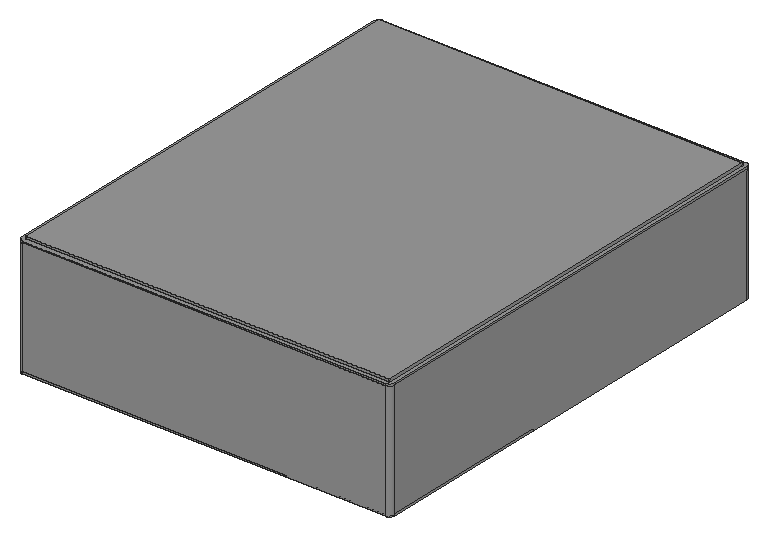
Revit family "Building-ContenitoriParete-GEWISS-44CE-CASSETTE-DERIVAZIONE-PARETE", category Apparecchi elettrici, host Superficie, Revit 2016
Family settings
  Host = Superficie
  Mantenere orientamento annotazione = Sì
  Tipo di parte = Normale
  Quota connettore circolare = Usa diametro
  Numero OmniClass = 23.80.30.14.24
  Titolo OmniClass = Junction Boxes
  Taglio con vuoti quando caricato = No
  Condiviso = No
  Punto di calcolo locali = Sì
Parameters (values of type "GW44431 - CASSETTA IP56 AR.COP.TRASP.460X380X120")
  Ã˜ max fori eseguibili = "48MM"
  distanza dal muro [instance] = 0 mm
  Voltaggio = 0 V
  Viti coperchio (n. e Tipo) = "6 isol. a cerniera piombabili"
  Versione file RFA = "18.0"
  VISTA DI PIANTA [instance] = yes
  URL = "https://www.gewiss.com/it/it"
  Tipo Materiale = "Halogen free secondo norma EN 60754-2"
  Termopressione con biglia = "110 °C"
  Temperatura di impiego = "-25 +60 °C"
  Spostamento_x [instance] = 0 mm
  Spostamento_effettivo_x [instance] = 4000 mm - Spostamento_x  # 4000 mm
  Scheda Tecnica = "https://www.gewiss.com/it/it/search?q=GW44431"
  SEO = "Cassetta"
  Resistenza agli urti = "IK08"
  Produttore = "GEWISS S.p.A."
  Pareti = "Lisce"
  Materiale = "Tecnopolimero GWPLAST 120"
  Immagine tipo = GW44431.jpg
  Scatola_ = GW - Grigio RAL 7035
  SIMBOLO [instance] = yes
  Modello = "GW44431"
  Default Elevation = 1219.2 mm
  Lunghezza_interna = 380 mm
  Larghezza_interna = 460 mm
  Spessore = 120 mm
  IDT = "9d7720fb-e677-4d26-8d25-fa01e92eaf96"
  IDF = "5374820f-a702-40f6-8e03-a2dac9afe598"
  Grado di protezione = "IP56"
  Glow Wire Test = "650°C"
  Dim. interne BxHxP (mm) = "460x380x120"
  Diametro ingresso corrugato [instance] = 20 mm
  Dettaglio = Eemento di dettaglio - 44CE : 460x380x120
  Descrizione = "CASSETTA IP56 AR.COP.TRASP.460X380X120"
  Creato da GEWISS S.p.A. = ""
  Coppia serraggio viti = "1,8NM"
  Coperchio_ = GEWISS COPERCHIO TRASPARENTE
  Coperchio = "Basso a vite"
  Colore coperchio = "Trasparente"
  Colore = "Grigio RAL 7035"
  Codice Electrocod = "0231"
  Codice EAN = "8011564014145"
  Classificazione = Other
  Classe isolamento = "II (secondo Norma IEC 61140)"
  Catalogo Serie = "44 CE"
  Catalogo = "BUILDING"
  Carico apparente = 0 VA
  CORNICE SIMBOLO [instance] = no
  COBie.Tagnumber = ""
  COBie.CreatedOn = ""
  COBie.CreatebBy = ""
  COBie.ComponentRegisterItemID = ""
  COBie.Component.TagNumber = ""
  COBie.Component.Space = ""
  COBie.Component.SerialNumber = ""
  COBie.Component.InstallationDate = ""
  COBie.Component.Description = ""
  COBie.Component.BarCode = ""
  Applicazione = "Impieghi industriali"
  Accessori per ripristino isolamento = "GW44621"
Types (34, lengths in mm): name | Ã˜ max fori eseguibili | Viti coperchio (n. e Tipo) | Tipo Materiale | Termopressione con biglia | Spostamento_x | Spostamento_effettivo_x | Scheda Tecnica | Materiale | Immagine tipo | Modello | Lunghezza_interna | Larghezza_interna | Spessore | IDT | Grado di protezione | Glow Wire Test | Dim. interne BxHxP (mm) | Dettaglio | Descrizione | Coppia serraggio viti | Coperchio_ | Colore coperchio | Codice Electrocod | Codice EAN | Applicazione | Accessori per ripristino isolamento
  GW44204 - CASSETTA IP56 PAR.LISCE 100X100X50 | "29MM" | "4 - Acciaio inox" | "Halogen free secondo norma EN 60754-2" | "85 °C" | 0 | 4000 | "https://www.gewiss.com/it/it/search?q=GW44204" | "Tecnopolimero GWPLAST 75" | GW44204.jpg | "GW44204" | 100 | 100 | 50 | "22969abb-50f3-4462-9943-7c3efaf73419" | "IP56" | "650°C" | "100x100x50" | Eemento di dettaglio - 44CE : 100x100x50 | "CASSETTA IP56 PAR.LISCE 100X100X50" | "1NM" | GW - Grigio RAL 7035 | "" | "02211" | "8011564013773" | "Derivazioni ordinarie" | "GW44622"
  GW44205 - CASSETTA IP56 PAR.LISCE 120X80X50 | "29MM" | "4 - Acciaio inox" | "Halogen free secondo norma EN 60754-2" | "85 °C" | 0 | 4000 | "https://www.gewiss.com/it/it/search?q=GW44205" | "Tecnopolimero GWPLAST 75" | GW44205.jpg | "GW44205" | 80 | 120 | 50 | "52b7fb7c-12f0-4e62-ae51-f10f6e64914f" | "IP56" | "650°C" | "120x80x50" | Eemento di dettaglio - 44CE : 120x80x50 | "CASSETTA IP56 PAR.LISCE 120X80X50" | "1NM" | GW - Grigio RAL 7035 | "" | "02211" | "8011564013780" | "Derivazioni ordinarie" | "GW44622"
  GW44206 - CASSETTA IP56 PAR.LISCE 150X110X70 | "29MM" | "4 - Acciaio inox" | "Halogen free secondo norma EN 60754-2" | "85 °C" | 0 | 4000 | "https://www.gewiss.com/it/it/search?q=GW44206" | "Tecnopolimero GWPLAST 75" | GW44206.jpg | "GW44206" | 110 | 150 | 70 | "47d10e64-8065-4d23-8b62-953182284a50" | "IP56" | "650°C" | "150x110x70" | Eemento di dettaglio - 44CE : 150x110x70 | "CASSETTA IP56 PAR.LISCE 150X110X70" | "1,2NM" | GW - Grigio RAL 7035 | "" | "02211" | "8011564013797" | "Derivazioni ordinarie" | "GW44622"
  GW44207 - CASSETTA IP56 PAR.LISCE 190X140X70 | "37MM" | "4 isol. a cerniera piombabili" | "Halogen free secondo norma EN 60754-2" | "85 °C" | 0 | 4000 | "https://www.gewiss.com/it/it/search?q=GW44207" | "Tecnopolimero GWPLAST 75" | GW44207.jpg | "GW44207" | 140 | 190 | 70 | "337b83f9-6b4d-4582-90cc-11de11e69969" | "IP56" | "650°C" | "190x140x70" | Eemento di dettaglio - 44CE : 190x140x70 | "CASSETTA IP56 PAR.LISCE 190X140X70" | "1,8NM" | GW - Grigio RAL 7035 | "" | "02211" | "8011564013803" | "Derivazioni ordinarie" | "GW44621, GW44622"
  GW44208 - CASSETTA IP56 PAR.LISCE 240X190X90 | "37MM" | "4 isol. a cerniera piombabili" | "Halogen free secondo norma EN 60754-2" | "85 °C" | -96.081 | 4096.081 | "https://www.gewiss.com/it/it/search?q=GW44208" | "Tecnopolimero GWPLAST 75" | GW44208.jpg | "GW44208" | 190 | 240 | 90 | "de1af3df-6e3f-48cf-83ee-0215e9915d51" | "IP56" | "650°C" | "240x190x90" | Eemento di dettaglio - 44CE : 240x190x90 | "CASSETTA IP56 PAR.LISCE 240X190X90" | "1,8NM" | GW - Grigio RAL 7035 | "" | "02211" | "8011564013810" | "Derivazioni ordinarie" | "GW44621, GW44622"
  GW44209 - CASSETTA IP56 PAR.LISCE 300X220X120 | "48MM" | "4 isol. a cerniera piombabili" | "Halogen free secondo norma EN 60754-2" | "85 °C" | 0 | 4000 | "https://www.gewiss.com/it/it/search?q=GW44209" | "Tecnopolimero GWPLAST 75" | GW44209.jpg | "GW44209" | 220 | 300 | 120 | "cf6db834-0863-43b0-a483-11796ac71c75" | "IP56" | "650°C" | "300x220x120" | Eemento di dettaglio - 44CE : 300x220x120 | "CASSETTA IP56 PAR.LISCE 300X220X120" | "1,8NM" | GW - Grigio RAL 7035 | "" | "02211" | "8011564013827" | "Derivazioni ordinarie" | "GW44621, GW44622"
  GW44210 - CASSETTA IP56 PAR.LISCE 380X300X120 | "48MM" | "4 isol. a cerniera piombabili" | "Halogen free secondo norma EN 60754-2" | "85 °C" | 0 | 4000 | "https://www.gewiss.com/it/it/search?q=GW44210" | "Tecnopolimero GWPLAST 75" | GW44210.jpg | "GW44210" | 300 | 380 | 120 | "3153c5f9-b06e-4ae9-a280-79e8a165a081" | "IP56" | "650°C" | "380x300x120" | Eemento di dettaglio - 44CE : 380x300x120 | "CASSETTA IP56 PAR.LISCE 380X300X120" | "1,8NM" | GW - Grigio RAL 7035 | "" | "02211" | "8011564013834" | "Derivazioni ordinarie" | "GW44621, GW44623"
  GW44211 - CASSETTA IP56 PAR.LISCE 460X380X120 | "48MM" | "6 isol. a cerniera piombabili" | "Halogen free secondo norma EN 60754-2" | "85 °C" | 0 | 4000 | "https://www.gewiss.com/it/it/search?q=GW44211" | "Tecnopolimero GWPLAST 75" | GW44211.jpg | "GW44211" | 380 | 460 | 120 | "38c04d2f-f886-4409-965b-0291314ac90d" | "IP56" | "650°C" | "460x380x120" | Eemento di dettaglio - 44CE : 460x380x120 | "CASSETTA IP56 PAR.LISCE 460X380X120" | "1,8NM" | GW - Grigio RAL 7035 | "" | "02211" | "8011564013841" | "Derivazioni ordinarie" | "GW44621"
  GW44234 - CASS.IP55 100x100x50 1/4G.P.L.GWT 650°C | "29MM" | "4 isol. a 1/4 di giro, piombabili" | "Halogen free secondo norma EN 60754-2" | "85 °C" | 0 | 4000 | "https://www.gewiss.com/it/it/search?q=GW44234" | "Tecnopolimero GWPLAST 75" | GW44234.jpg | "GW44234" | 100 | 100 | 50 | "619f96b8-842b-479f-8803-44aba47870ac" | "IP55" | "650°C" | "100x100x50" | Eemento di dettaglio - 44CE : 100x100x50 | "CASS.IP55 100x100x50 1/4G.P.L.GWT 650°C" | "1NM" | GW - Grigio RAL 7035 | "" | "02211" | "8011564196223" | "Derivazioni ordinarie" | "GW44622"
  GW44236 - CASS.IP55 150x110x70 1/4G.P.L.GWT 650°C | "29MM" | "4 isol. a 1/4 di giro, piombabili" | "Halogen free secondo norma EN 60754-2" | "85 °C" | 0 | 4000 | "https://www.gewiss.com/it/it/search?q=GW44236" | "Tecnopolimero GWPLAST 75" | GW44236.jpg | "GW44236" | 110 | 150 | 70 | "281e44f2-e44d-496f-be65-35e6b1397034" | "IP55" | "650°C" | "150x110x70" | Eemento di dettaglio - 44CE : 150x110x70 | "CASS.IP55 150x110x70 1/4G.P.L.GWT 650°C" | "1,2NM" | GW - Grigio RAL 7035 | "" | "02211" | "8011564196230" | "Derivazioni ordinarie" | "GW44622"
  GW44274 - CASS.IP56 100X100X50 PAR.LISCE GWT960 | "29MM" | "4 - Acciaio inox" | "" | "85 °C" | 0 | 4000 | "https://www.gewiss.com/it/it/search?q=GW44274" | "Tecnopolimero GWPLAST 75" | GW44274.jpg | "GW44274" | 100 | 100 | 50 | "e997b518-ba17-463e-bd0d-39e5084bd7c5" | "IP56" | "960°C" | "100x100x50" | Eemento di dettaglio - 44CE : 100x100x50 | "CASS.IP56 100X100X50 PAR.LISCE GWT960" | "1NM" | GW - Grigio RAL 7035 | "" | "02211" | "8011564217812" | "Derivazioni speciali" | "GW44622"
  GW44275 - CASS.IP56 120X80X50 PAR.LISCE GWT960 | "29MM" | "4 - Acciaio inox" | "" | "85 °C" | 0 | 4000 | "https://www.gewiss.com/it/it/search?q=GW44275" | "Tecnopolimero GWPLAST 75" | GW44275.jpg | "GW44275" | 80 | 120 | 50 | "5883e35f-b3ac-4b66-b288-712acfc49f72" | "IP56" | "960°C" | "120x80x50" | Eemento di dettaglio - 44CE : 120x80x50 | "CASS.IP56 120X80X50 PAR.LISCE GWT960" | "1NM" | GW - Grigio RAL 7035 | "" | "02211" | "8011564217652" | "Derivazioni speciali" | "GW44622"
  GW44276 - CASS.IP56 150X110X70 PAR.LISCE GWT960 | "29MM" | "4 - Acciaio inox" | "" | "85 °C" | 0 | 4000 | "https://www.gewiss.com/it/it/search?q=GW44276" | "Tecnopolimero GWPLAST 75" | GW44276.jpg | "GW44276" | 110 | 150 | 70 | "b53966a8-4626-4e9a-aad6-d22c8c7f2ac1" | "IP56" | "960°C" | "150x110x70" | Eemento di dettaglio - 44CE : 150x110x70 | "CASS.IP56 150X110X70 PAR.LISCE GWT960" | "1,2NM" | GW - Grigio RAL 7035 | "" | "02211" | "8011564217669" | "Derivazioni speciali" | "GW44622"
  GW44277 - CASS.IP56 190X140X70 PAR.LISCE GWT960 | "37MM" | "4 isol. a cerniera piombabili" | "" | "85 °C" | 0 | 4000 | "https://www.gewiss.com/it/it/search?q=GW44277" | "Tecnopolimero GWPLAST 75" | GW44277.jpg | "GW44277" | 140 | 190 | 70 | "d0b87ffa-5f63-4ed0-b7d6-0692e56bd290" | "IP56" | "960°C" | "190x140x70" | Eemento di dettaglio - 44CE : 190x140x70 | "CASS.IP56 190X140X70 PAR.LISCE GWT960" | "1,8NM" | GW - Grigio RAL 7035 | "" | "02211" | "8011564217713" | "Derivazioni speciali" | "GW44621, GW44622"
  GW44278 - CASS.IP56 240X190X90 PAR.LISCE GWT960 | "37MM" | "4 isol. a cerniera piombabili" | "" | "85 °C" | 0 | 4000 | "https://www.gewiss.com/it/it/search?q=GW44278" | "Tecnopolimero GWPLAST 75" | GW44278.jpg | "GW44278" | 190 | 240 | 90 | "0ec5c686-7769-4853-90fd-ad9551c88550" | "IP56" | "960°C" | "240x190x90" | Eemento di dettaglio - 44CE : 240x190x90 | "CASS.IP56 240X190X90 PAR.LISCE GWT960" | "1,8NM" | GW - Grigio RAL 7035 | "" | "02211" | "8011564217676" | "Derivazioni speciali" | "GW44621, GW44622"
  GW44279 - CASS.IP56 300X220X120 PAR.LISCE GWT960 | "48MM" | "4 isol. a cerniera piombabili" | "" | "85 °C" | 0 | 4000 | "https://www.gewiss.com/it/it/search?q=GW44279" | "Tecnopolimero GWPLAST 75" | GW44279.jpg | "GW44279" | 220 | 300 | 120 | "8d718023-3375-42f4-a0f4-a0b96770263a" | "IP56" | "960°C" | "300x220x120" | Eemento di dettaglio - 44CE : 300x220x120 | "CASS.IP56 300X220X120 PAR.LISCE GWT960" | "1,8NM" | GW - Grigio RAL 7035 | "" | "02211" | "8011564229273" | "Derivazioni speciali" | "GW44621, GW44622"
  GW44280 - CASS.IP56 380X300X120 PAR.LISCE GWT960 | "48MM" | "4 isol. a cerniera piombabili" | "" | "85 °C" | 0 | 4000 | "https://www.gewiss.com/it/it/search?q=GW44280" | "Tecnopolimero GWPLAST 75" | GW44280.jpg | "GW44280" | 300 | 380 | 120 | "b7c0b937-ba61-4496-b604-63adade399ab" | "IP56" | "960°C" | "380x300x120" | Eemento di dettaglio - 44CE : 380x300x120 | "CASS.IP56 380X300X120 PAR.LISCE GWT960" | "1,8NM" | GW - Grigio RAL 7035 | "" | "02211" | "8011564229266" | "Derivazioni speciali" | "GW44621, GW44623"
  GW44281 - CASS.IP56 460X380X120 PAR.LISCE GWT960 | "48MM" | "6 isol. a cerniera piombabili" | "" | "85 °C" | 0 | 4000 | "https://www.gewiss.com/it/it/search?q=GW44281" | "Tecnopolimero GWPLAST 75" | GW44281.jpg | "GW44281" | 380 | 460 | 120 | "e35a4935-07ed-4066-a8b6-1c8459cb4148" | "IP56" | "960°C" | "460x380x120" | Eemento di dettaglio - 44CE : 460x380x120 | "CASS.IP56 460X380X120 PAR.LISCE GWT960" | "1,8NM" | GW - Grigio RAL 7035 | "" | "02211" | "8011564243873" | "Derivazioni speciali" | "GW44621"
  GW44404 - CASSETTA IP56 AR.COP.GRIGIO 100X100X50 | "29MM" | "4 - Acciaio inox" | "Halogen free secondo norma EN 60754-2" | "110 °C" | 0 | 4000 | "https://www.gewiss.com/it/it/search?q=GW44404" | "Tecnopolimero GWPLAST 120" | GW44404.jpg | "GW44404" | 100 | 100 | 50 | "750acd2b-a3ef-4846-9e7c-f73541f92083" | "IP56" | "650°C" | "100x100x50" | Eemento di dettaglio - 44CE : 100x100x50 | "CASSETTA IP56 AR.COP.GRIGIO 100X100X50" | "1NM" | GW - Grigio RAL 7035 | "" | "02211" | "8011564013933" | "Impieghi industriali" | "GW44622"
  GW44405 - CASSETTA IP56 AR.COP.GRIGIO 120X80X50 | "29MM" | "4 - Acciaio inox" | "Halogen free secondo norma EN 60754-2" | "110 °C" | 0 | 4000 | "https://www.gewiss.com/it/it/search?q=GW44405" | "Tecnopolimero GWPLAST 120" | GW44405.jpg | "GW44405" | 80 | 120 | 50 | "0e51d91c-d58c-49f9-b701-a1c23f221c1f" | "IP56" | "650°C" | "120x80x50" | Eemento di dettaglio - 44CE : 120x80x50 | "CASSETTA IP56 AR.COP.GRIGIO 120X80X50" | "1NM" | GW - Grigio RAL 7035 | "" | "02211" | "8011564013940" | "Impieghi industriali" | "GW44622"
  GW44406 - CASSETTA IP56 AR.COP.GRIGIO 150X110X70 | "29MM" | "4 - Acciaio inox" | "Halogen free secondo norma EN 60754-2" | "110 °C" | 0 | 4000 | "https://www.gewiss.com/it/it/search?q=GW44406" | "Tecnopolimero GWPLAST 120" | GW44406.jpg | "GW44406" | 110 | 150 | 70 | "8391f345-a0a0-461b-ba1d-9980c097f095" | "IP56" | "650°C" | "150x110x70" | Eemento di dettaglio - 44CE : 150x110x70 | "CASSETTA IP56 AR.COP.GRIGIO 150X110X70" | "1,2NM" | GW - Grigio RAL 7035 | "" | "02211" | "8011564013957" | "Impieghi industriali" | "GW44622"
  GW44407 - CASSETTA IP56 AR.COP.GRIGIO 190X140X70 | "37MM" | "4 isol. a cerniera piombabili" | "Halogen free secondo norma EN 60754-2" | "110 °C" | 0 | 4000 | "https://www.gewiss.com/it/it/search?q=GW44407" | "Tecnopolimero GWPLAST 120" | GW44407.jpg | "GW44407" | 140 | 190 | 70 | "7e8647a0-67c3-4646-80c9-3d7f8af10237" | "IP56" | "650°C" | "190x140x70" | Eemento di dettaglio - 44CE : 190x140x70 | "CASSETTA IP56 AR.COP.GRIGIO 190X140X70" | "1,8NM" | GW - Grigio RAL 7035 | "" | "02211" | "8011564013964" | "Impieghi industriali" | "GW44621, GW44622"
  GW44408 - CASSETTA IP56 AR.COP.GRIGIO 240X190X90 | "37MM" | "4 isol. a cerniera piombabili" | "Halogen free secondo norma EN 60754-2" | "110 °C" | 0 | 4000 | "https://www.gewiss.com/it/it/search?q=GW44408" | "Tecnopolimero GWPLAST 120" | GW44408.jpg | "GW44408" | 190 | 240 | 90 | "51dfb1b3-6a35-4a4d-b698-06af54bf9265" | "IP56" | "650°C" | "240x190x90" | Eemento di dettaglio - 44CE : 240x190x90 | "CASSETTA IP56 AR.COP.GRIGIO 240X190X90" | "1,8NM" | GW - Grigio RAL 7035 | "" | "02211" | "8011564013971" | "Impieghi industriali" | "GW44621, GW44622"
  GW44409 - CASSETTA IP56 AR.COP.GRIGIO 300X220X120 | "48MM" | "4 isol. a cerniera piombabili" | "Halogen free secondo norma EN 60754-2" | "110 °C" | 0 | 4000 | "https://www.gewiss.com/it/it/search?q=GW44409" | "Tecnopolimero GWPLAST 120" | GW44409.jpg | "GW44409" | 220 | 300 | 120 | "48d0f2e2-bb70-4c35-9759-5ea754bf303d" | "IP56" | "650°C" | "300x220x120" | Eemento di dettaglio - 44CE : 300x220x120 | "CASSETTA IP56 AR.COP.GRIGIO 300X220X120" | "1,8NM" | GW - Grigio RAL 7035 | "" | "02211" | "8011564013988" | "Impieghi industriali" | "GW44621, GW44622"
  GW44410 - CASSETTA IP56 AR.COP.GRIGIO 380X300X120 | "48MM" | "4 isol. a cerniera piombabili" | "Halogen free secondo norma EN 60754-2" | "110 °C" | 0 | 4000 | "https://www.gewiss.com/it/it/search?q=GW44410" | "Tecnopolimero GWPLAST 120" | GW44410.jpg | "GW44410" | 300 | 380 | 120 | "365f367a-1d7d-4abb-9870-d18497ac7913" | "IP56" | "650°C" | "380x300x120" | Eemento di dettaglio - 44CE : 380x300x120 | "CASSETTA IP56 AR.COP.GRIGIO 380X300X120" | "1,8NM" | GW - Grigio RAL 7035 | "" | "02211" | "8011564013995" | "Impieghi industriali" | "GW44621, GW44623"
  GW44411 - CASSETTA IP56 AR.COP.GRIGIO 460X380X120 | "48MM" | "6 isol. a cerniera piombabili" | "Halogen free secondo norma EN 60754-2" | "110 °C" | 0 | 4000 | "https://www.gewiss.com/it/it/search?q=GW44411" | "Tecnopolimero GWPLAST 120" | GW44411.jpg | "GW44411" | 380 | 460 | 120 | "ea4f5cfc-22bd-4620-95a3-d833981edb37" | "IP56" | "650°C" | "460x380x120" | Eemento di dettaglio - 44CE : 460x380x120 | "CASSETTA IP56 AR.COP.GRIGIO 460X380X120" | "1,8NM" | GW - Grigio RAL 7035 | "" | "02211" | "8011564014008" | "Impieghi industriali" | "GW44621"
  GW44426 - CASSETTA IP56 AR.COP.TRASP.150X110X70 | "29MM" | "4 - Acciaio inox" | "Halogen free secondo norma EN 60754-2" | "110 °C" | 0 | 4000 | "https://www.gewiss.com/it/it/search?q=GW44426" | "Tecnopolimero GWPLAST 120" | GW44426.jpg | "GW44426" | 110 | 150 | 70 | "642b2107-529a-4c8a-9f11-c17127c2447a" | "IP56" | "650°C" | "150x110x70" | Eemento di dettaglio - 44CE : 150x110x70 | "CASSETTA IP56 AR.COP.TRASP.150X110X70" | "1,2NM" | GEWISS COPERCHIO TRASPARENTE | "Trasparente" | "0231" | "8011564014091" | "Impieghi industriali" | "GW44622"
  GW44427 - CASSETTA IP56 AR.COP.TRASP.190X140X70 | "37MM" | "4 isol. a cerniera piombabili" | "Halogen free secondo norma EN 60754-2" | "110 °C" | 0 | 4000 | "https://www.gewiss.com/it/it/search?q=GW44427" | "Tecnopolimero GWPLAST 120" | GW44427.jpg | "GW44427" | 140 | 190 | 70 | "1f575b1e-750e-475f-88f6-55364de4ccdd" | "IP56" | "650°C" | "190x140x70" | Eemento di dettaglio - 44CE : 190x140x70 | "CASSETTA IP56 AR.COP.TRASP.190X140X70" | "1,8NM" | GEWISS COPERCHIO TRASPARENTE | "Trasparente" | "0231" | "8011564014107" | "Impieghi industriali" | "GW44621, GW44622"
  GW44428 - CASSETTA IP56 AR.COP.TRASP.240X190X90 | "37MM" | "4 isol. a cerniera piombabili" | "Halogen free secondo norma EN 60754-2" | "110 °C" | 0 | 4000 | "https://www.gewiss.com/it/it/search?q=GW44428" | "Tecnopolimero GWPLAST 120" | GW44428.jpg | "GW44428" | 190 | 240 | 90 | "95f7208e-ab4c-4f24-91e3-2630591d55d0" | "IP56" | "650°C" | "240x190x90" | Eemento di dettaglio - 44CE : 240x190x90 | "CASSETTA IP56 AR.COP.TRASP.240X190X90" | "1,8NM" | GEWISS COPERCHIO TRASPARENTE | "Trasparente" | "0231" | "8011564014114" | "Impieghi industriali" | "GW44621, GW44622"
  GW44429 - CASSETTA IP56 AR.COP.TRASP.300X220X120 | "48MM" | "4 isol. a cerniera piombabili" | "Halogen free secondo norma EN 60754-2" | "110 °C" | 0 | 4000 | "https://www.gewiss.com/it/it/search?q=GW44429" | "Tecnopolimero GWPLAST 120" | GW44429.jpg | "GW44429" | 220 | 300 | 120 | "f8c9483f-1494-434d-8185-026f5ffa6c0e" | "IP56" | "650°C" | "300x220x120" | Eemento di dettaglio - 44CE : 300x220x120 | "CASSETTA IP56 AR.COP.TRASP.300X220X120" | "1,8NM" | GEWISS COPERCHIO TRASPARENTE | "Trasparente" | "0231" | "8011564014121" | "Impieghi industriali" | "GW44621, GW44622"
  GW44430 - CASSETTA IP56 AR.COP.TRASP.380X300X120 | "48MM" | "4 isol. a cerniera piombabili" | "Halogen free secondo norma EN 60754-2" | "110 °C" | 0 | 4000 | "https://www.gewiss.com/it/it/search?q=GW44430" | "Tecnopolimero GWPLAST 120" | GW44430.jpg | "GW44430" | 300 | 380 | 120 | "67789a81-6ead-4081-bc10-1282b956d628" | "IP56" | "650°C" | "380x300x120" | Eemento di dettaglio - 44CE : 380x300x120 | "CASSETTA IP56 AR.COP.TRASP.380X300X120" | "1,8NM" | GEWISS COPERCHIO TRASPARENTE | "Trasparente" | "0231" | "8011564014138" | "Impieghi industriali" | "GW44621, GW44623"
  GW44431 - CASSETTA IP56 AR.COP.TRASP.460X380X120 | "48MM" | "6 isol. a cerniera piombabili" | "Halogen free secondo norma EN 60754-2" | "110 °C" | 0 | 4000 | "https://www.gewiss.com/it/it/search?q=GW44431" | "Tecnopolimero GWPLAST 120" | GW44431.jpg | "GW44431" | 380 | 460 | 120 | "9d7720fb-e677-4d26-8d25-fa01e92eaf96" | "IP56" | "650°C" | "460x380x120" | Eemento di dettaglio - 44CE : 460x380x120 | "CASSETTA IP56 AR.COP.TRASP.460X380X120" | "1,8NM" | GEWISS COPERCHIO TRASPARENTE | "Trasparente" | "0231" | "8011564014145" | "Impieghi industriali" | "GW44621"
  GW44276C - CASS.IP56 150X110X70 PAR.LISCE UL-CSA | "29MM" | "4 - Acciaio inox" | "" | "75 °C" | 0 | 4000 | "https://www.gewiss.com/it/it/search?q=GW44276C" | "Tecnopolimero GWPLAST 75" | GW44276.jpg | "GW44276C" | 110 | 150 | 70 | "8ac1469b-7395-40e8-b3e7-585c46269fcf" | "IP56" | "960°C" | "150x110x70" | Eemento di dettaglio - 44CE : 150x110x70 | "CASS.IP56 150X110X70 PAR.LISCE UL-CSA" | "1,2 NM" | none | "" | "02211" | "8011564718913" | "Derivazioni speciali" | ""
  GW44277C - CASS.IP56 190X140X70 PAR.LISCE UL-CSA | "37MM" | "4 isol. a cerniera piombabili" | "" | "75 °C" | 0 | 4000 | "https://www.gewiss.com/it/it/search?q=GW44277C" | "Tecnopolimero GWPLAST 75" | GW44277.jpg | "GW44277C" | 140 | 190 | 70 | "ea63f5ab-7427-4fb7-a54b-d90346ebd528" | "IP56" | "960°C" | "190x140x70" | Eemento di dettaglio - 44CE : 190x140x70 | "CASS.IP56 190X140X70 PAR.LISCE UL-CSA" | "1,8 NM" | none | "" | "02211" | "8011564718920" | "Derivazioni speciali" | ""
Reference planes
  plane 1 "Centro (Fronte/Retro)": y = 0
  plane 2 "base muro": z = 0
  plane 3 "Centro (Sinistra/Destra)": x = 0
  plane 4: x = -191.081
  plane 5: y = 231.081
  plane 6: x = 191.081
  plane 7: y = -231.081
  plane 8: z = 1.5
  plane 9: y = 230
  plane 10: x = -190
  plane 11: y = -230
  plane 12: x = 190
  plane 13: y = 235.081
  plane 14: x = 195.081
  plane 15: y = -235.081
  plane 16: x = -195.081
  plane 17: z = 120
  plane 18: z = 124.056
  plane 19: x = -4000
  plane 20: x = 0
Forms (mm)
  Extrusion 1, solid, material "GW - Grigio RAL 7035" <- "Scatola_"
    sketch origin (0, 0, 0) x (1, 0, 0) y (0, 1, 0)
      loop
        arc (-185.934, 231.081) -> (-189.573, 229.573) -> (-191.081, 225.934) r 5.147
        line (-191.081, 225.934) -> (-191.081, -225.934)
        arc (-191.081, -225.934) -> (-189.573, -229.573) -> (-185.934, -231.081) r 5.147
        line (-185.934, -231.081) -> (185.934, -231.081)
        arc (185.934, -231.081) -> (189.573, -229.573) -> (191.081, -225.934) r 5.147
        line (191.081, -225.934) -> (191.081, 225.934)
        arc (191.081, 225.934) -> (189.573, 229.573) -> (185.934, 231.081) r 5.147
        line (185.934, 231.081) -> (-185.934, 231.081)
      loop
        arc (-185.934, 230) -> (-188.809, 228.809) -> (-190, 225.934) r 4.066
        line (-190, 225.934) -> (-190, -225.934)
        arc (-190, -225.934) -> (-188.809, -228.809) -> (-185.934, -230) r 4.066
        line (-185.934, -230) -> (185.936, -230)
        arc (185.936, -230) -> (188.81, -228.809) -> (190.001, -225.935) r 4.065
        line (190.001, -225.935) -> (190.001, 225.934)
        arc (190.001, 225.934) -> (188.81, 228.809) -> (185.934, 230) r 4.066
        line (185.934, 230) -> (-185.934, 230)
    from 0 to 120
  Extrusion 2, solid, material "GEWISS COPERCHIO TRASPARENTE" <- "Coperchio_"
    sketch origin (0, 0, 0) x (1, 0, 0) y (0, 1, 0)
      loop
        line (-185.934, -231.081) -> (185.934, -231.081)
        arc (185.934, -231.081) -> (189.573, -229.573) -> (191.081, -225.934) r 5.147
        line (191.081, -225.934) -> (191.081, 225.934)
        arc (191.081, 225.934) -> (189.573, 229.573) -> (185.934, 231.081) r 5.147
        line (185.934, 231.081) -> (-185.934, 231.081)
        arc (-185.934, 231.081) -> (-189.573, 229.573) -> (-191.081, 225.934) r 5.147
        line (-191.081, 225.934) -> (-191.081, -225.934)
        arc (-191.081, -225.934) -> (-189.573, -229.573) -> (-185.934, -231.081) r 5.147
    from 0 to 1.5
  Extrusion 3, solid, material "GEWISS COPERCHIO TRASPARENTE" <- "Coperchio_"
    sketch origin (0, 0, 0) x (1, 0, 0) y (0, 1, 0)
      loop
        arc (-185.934, 231.081) -> (-189.573, 229.573) -> (-191.081, 225.934) r 5.147
        line (-191.081, 225.934) -> (-191.081, -225.934)
        arc (-191.081, -225.934) -> (-189.573, -229.573) -> (-185.934, -231.081) r 5.147
        line (-185.934, -231.081) -> (185.934, -231.081)
        arc (185.934, -231.081) -> (189.573, -229.573) -> (191.081, -225.934) r 5.147
        line (191.081, -225.934) -> (191.081, 225.934)
        arc (191.081, 225.934) -> (189.573, 229.573) -> (185.934, 231.081) r 5.147
        line (185.934, 231.081) -> (-185.934, 231.081)
    from 120 to 124.056
  Sweep 4, void
    path in 3D
      loop
        line (-191.081, -225.934, 124.056) -> (-191.081, 225.934, 124.056)
        arc (-191.081, 225.934, 124.056) -> (-189.573, 229.573, 124.056) -> (-185.934, 231.081, 124.056) r 5.147
        line (-185.934, 231.081, 124.056) -> (185.934, 231.081, 124.056)
        arc (185.934, 231.081, 124.056) -> (189.573, 229.573, 124.056) -> (191.081, 225.934, 124.056) r 5.147
        line (191.081, 225.934, 124.056) -> (191.081, -225.934, 124.056)
        arc (191.081, -225.934, 124.056) -> (189.573, -229.573, 124.056) -> (185.934, -231.081, 124.056) r 5.147
        line (185.934, -231.081, 124.056) -> (-185.934, -231.081, 124.056)
        arc (-185.934, -231.081, 124.056) -> (-189.573, -229.573, 124.056) -> (-191.081, -225.934, 124.056) r 5.147
    profile origin (-189.573, -229.573, 124.056) x (-0.707107, -0.707107, 0) y (0, 0, 1)
      loop
        line (1.608, 0) -> (-4.763, 0) -> (-4.763, -2.556) -> (1.608, -2.556) -> (1.608, 0)
Cuts and joins
  Sweep 4 cuts Extrusion 1
  Sweep 4 cuts Extrusion 3
Lines and regions (mm)
  Masking region 1, visible <- "VISTA DI PIANTA"
    outline origin (0, 0, 0) x (1, 0, 0) y (0, 0, 1)
      loop
        line (-191.081, 124.056) -> (-191.081, 0) -> (191.081, 0) -> (191.081, 124.056) -> (-191.081, 124.056)
  Masking region 2
    outline origin (0, 0, 0) x (0, 1, 0) y (0, 0, 1)
      loop
        line (-231.081, 0) -> (231.081, 0) -> (231.081, 124.056) -> (-231.081, 124.056) -> (-231.081, 0)
  sketch lines
    curve 1: arc (-185.934, -231.081, 124.056) -> (-189.573, -229.573, 124.056) -> (-191.081, -225.934, 124.056) r 5.147
    curve 2: line (-185.934, -231.081, 124.056) -> (185.934, -231.081, 124.056)
    curve 3: line (-191.081, 225.934, 124.056) -> (-191.081, -225.934, 124.056)
    curve 4: arc (191.081, -225.934, 124.056) -> (189.573, -229.573, 124.056) -> (185.934, -231.081, 124.056) r 5.147
    curve 5: line (191.081, -225.934, 124.056) -> (191.081, 225.934, 124.056)
    curve 6: line (185.934, 231.081, 124.056) -> (-185.934, 231.081, 124.056)
    curve 7: arc (185.934, 231.081, 124.056) -> (189.573, 229.573, 124.056) -> (191.081, 225.934, 124.056) r 5.147
    curve 8: arc (-191.081, 225.934, 124.056) -> (-189.573, 229.573, 124.056) -> (-185.934, 231.081, 124.056) r 5.147
Dimensions and locks
  locked: plane 8 to plane 2 "base muro" at 1.5
  locked: plane 4 to plane 10 at 1.081
  locked: plane 5 to plane 9 at 1.081
  locked: plane 11 to plane 7 at 1.081
  locked: plane 12 to plane 6 at 1.081
  locked: plane 7 to plane 15 at 4
  locked: plane 16 to plane 4 at 4
  locked: plane 6 to plane 14 at 4
  locked: plane 13 to plane 5 at 4
  equal spacing: plane 10, plane 3 "Centro (Sinistra/Destra)", plane 12
  "Lunghezza_interna": plane 10 to plane 12
  equal spacing: plane 9, plane 1 "Centro (Fronte/Retro)", plane 11
  "Larghezza_interna": plane 9 to plane 11
  nested 1 to nested 1 = 397.073 mm
  "Spessore": plane 17 to plane 2 "base muro"
  locked: plane 18 to plane 17 at 4.056
  locked: Sweep 4 sketch curve to plane 17 at 1.5
  plane 19 to plane 3 "Centro (Sinistra/Destra)" = 4000 mm
  "Spostamento_effettivo_x": plane 19 to plane 20
  aligned and locked: plane 2 "base muro" to host face
  aligned and locked: level to host face
  aligned and locked: Extrusion 1 sketch curve to plane 5
  aligned and locked: Extrusion 1 sketch curve to plane 4
  aligned and locked: Extrusion 1 sketch curve to plane 7
  aligned and locked: Extrusion 1 sketch curve to plane 6
  aligned and locked: Extrusion 1 sketch curve to plane 9
  aligned and locked: Extrusion 1 sketch curve to plane 10
  aligned and locked: Extrusion 1 sketch curve to plane 11
  aligned and locked: Extrusion 2 sketch curve to plane 7
  aligned and locked: Extrusion 2 sketch curve to plane 4
  aligned and locked: Extrusion 2 sketch curve to plane 5
  aligned and locked: Extrusion 2 sketch curve to plane 6
  aligned and locked: Extrusion 2 to plane 2 "base muro"
  aligned and locked: plane 8 to Extrusion 2
  aligned and locked: plane 17 to Extrusion 1
  aligned and locked: Extrusion 1 to plane 2 "base muro"
  aligned and locked: Extrusion 3 sketch curve to plane 5
  aligned and locked: Extrusion 3 sketch curve to plane 4
  aligned and locked: Extrusion 3 sketch curve to plane 6
  aligned and locked: Extrusion 3 sketch curve to plane 7
  aligned and locked: Extrusion 3 to Extrusion 1
  aligned and locked: plane 18 to Extrusion 3
  aligned and locked: Masking region 1 sketch curve to plane 18
  aligned and locked: Masking region 1 sketch curve to plane 4
  aligned and locked: Masking region 1 sketch curve to Extrusion 2
  aligned and locked: Masking region 1 sketch curve to cut or joined group of Extrusion 1, Sweep 4
  aligned and locked: Masking region 2 sketch curve to Extrusion 2
  aligned and locked: Masking region 2 sketch curve to cut or joined group of Extrusion 1, Sweep 4
  aligned and locked: plane 18 to Masking region 2 sketch curve
  aligned and locked: plane 5 to Masking region 2 sketch curve
  aligned and locked: nested 2 to plane 20
Automatic sketch dimensions
  host sketch curve to host sketch curve = 2438.4 mm  (x2)
  Extrusion 1 sketch curve to plane 4 = 5.147 mm  (x2)
  plane 6 to Extrusion 1 sketch curve = 5.147 mm
  Extrusion 1 sketch curve to plane 5 = 5.147 mm
  Extrusion 1 sketch curve to Extrusion 1 sketch curve = 0 mm  (x2)
  Extrusion 1 sketch curve to Extrusion 1 sketch curve = 0.001 mm  (x2)
  Extrusion 1 sketch curve to plane 9 = 4.066 mm
  Extrusion 2 sketch curve to plane 9 = 4.066 mm  (x2)
  plane 11 to Extrusion 2 sketch curve = 4.066 mm  (x2)
  plane 11 to Extrusion 3 sketch curve = 4.066 mm  (x2)
  Extrusion 3 sketch curve to plane 9 = 4.066 mm  (x2)
  profile plane to Sweep 4 sketch curve = 0 mm
  profile plane to Sweep 4 sketch curve = 4.763 mm
  Sweep 4 sketch curve to profile plane = 1.608 mm
Nested families
  nested 1: "Eemento di dettaglio - 44CE" at (0, 0, 0), type <- "Dettaglio", type "460x380x120"
  nested 2: "CASSDERIVAZPAR" at (0, 7.316, 0), BORDO ACCESO <- "CORNICE SIMBOLO", Distanza dal muro <- "distanza dal muro", SIMBOLO ACCESO <- "SIMBOLO", type "CASSETTA"
    with SIMBOLO ACCESO yes, Distanza dal muro 0 mm, BORDO ACCESO no
Connectors
  electrical at (0, 0, 1.5), driven by "Classificazione", driven by "Voltaggio", driven by "Carico apparente"
    settings: on Extrusion 2, index 1, voltage 0 V, apparent load 0 VA, apparent load phase1 0 VA, apparent load phase2 0 VA, apparent load phase3 0 VA, power factor 1, load classification "Other", number of poles 1, system type 31, power factor state 1, is connector primary yes, connector utility no, sub classification motor no, connector description ""
  cabletrayconduit at (0, 0, 0), diameter 20, driven by "Diametro ingresso corrugato"
    settings: on cut or joined group of Extrusion 1, Sweep 4, index 2, connector width 300 mm, connector height 300 mm, connector angle 0.00°, system type 32, placement type 0, profile type 0, connector reference index -1, is primary connector yes, connector utility param no, connector description ""
  cabletrayconduit at (0, -231.081, 120.75), diameter 20, driven by "Diametro ingresso corrugato"
    settings: on cut or joined group of Extrusion 3, Sweep 4, index 3, connector width 300 mm, connector height 300 mm, connector angle 0.00°, system type 32, placement type 0, profile type 0, connector reference index -1, is primary connector no, connector utility param no, connector description ""
  cabletrayconduit at (191.081, 0, 120.75), diameter 20, driven by "Diametro ingresso corrugato"
    settings: on cut or joined group of Extrusion 3, Sweep 4, index 4, connector width 300 mm, connector height 300 mm, connector angle 0.00°, system type 32, placement type 0, profile type 0, connector reference index -1, is primary connector no, connector utility param no, connector description ""
Definition of nested family "Eemento di dettaglio - 44CE"
  Parameters (values of type "100x100x50")
    460x380x120 = no
    380x300x120 = no
    300x220x120 = no
    240x190x90 = no
    190x140x70 = no
    150x110x70 = no
    120x80x50 = no
    100x100x50 = yes
  Types (8, lengths in mm): name | 460x380x120 | 380x300x120 | 300x220x120 | 240x190x90 | 190x140x70 | 150x110x70 | 120x80x50 | 100x100x50
    460x380x120 | yes | no | no | no | no | no | no | no
    380x300x120 | no | yes | no | no | no | no | no | no
    300x220x120 | no | no | yes | no | no | no | no | no
    240x190x90 | no | no | no | yes | no | no | no | no
    190x140x70 | no | no | no | no | yes | no | no | no
    150x110x70 | no | no | no | no | no | yes | no | no
    120x80x50 | no | no | no | no | no | no | yes | no
    100x100x50 | no | no | no | no | no | no | no | yes
  Reference planes
    plane 1 "Centro (Fronte/Retro)": y = 0
    plane 2: z = 0
    plane 3 "Centro (Sinistra/Destra)": x = 0
  Lines and regions (mm)
    detail lines, in view "Livello rif.", visible <- "100x100x50"
      curve 1: arc (47.673, -51.15, 0) -> (52.489, -49.155, 0) -> (54.484, -44.339, 0) r 6.81
      curve 2: arc (-54.484, -44.339, 0) -> (-52.489, -49.155, 0) -> (-47.673, -51.15, 0) r 6.81
      curve 3: arc (54.484, 44.121, 0) -> (52.489, 48.937, 0) -> (47.673, 50.931, 0) r 6.81
      curve 4: arc (-47.673, 50.931, 0) -> (-52.489, 48.937, 0) -> (-54.484, 44.121, 0) r 6.81
      curve 5: line (-54.484, 44.121, 0) -> (-54.484, -44.339, 0)
      curve 6: line (-47.673, 50.931, 0) -> (47.673, 50.931, 0)
      curve 7: line (-47.673, -51.15, 0) -> (47.673, -51.15, 0)
      curve 8: line (54.484, 44.121, 0) -> (54.484, -44.339, 0)
    detail lines, in view "Livello rif.", visible <- "120x80x50"
      curve 9: arc (33.758, -61.541, 0) -> (38.574, -59.546, 0) -> (40.569, -54.73, 0) r 6.81
      curve 10: arc (-46.399, -54.73, 0) -> (-44.404, -59.546, 0) -> (-39.589, -61.541, 0) r 6.81
      curve 11: arc (40.569, 54.73, 0) -> (38.574, 59.546, 0) -> (33.758, 61.541, 0) r 6.81
      curve 12: arc (-39.589, 61.541, 0) -> (-44.404, 59.546, 0) -> (-46.399, 54.73, 0) r 6.81
      curve 13: line (-46.399, 54.73, 0) -> (-46.399, -54.73, 0)
      curve 14: line (-39.589, 61.541, 0) -> (33.758, 61.541, 0)
      curve 15: line (-39.589, -61.541, 0) -> (33.758, -61.541, 0)
      curve 16: line (40.569, 54.73, 0) -> (40.569, -54.73, 0)
    detail lines, in view "Livello rif.", visible <- "150x110x70"
      curve 17: arc (50.358, -76.541, 0) -> (55.174, -74.546, 0) -> (57.168, -69.73, 0) r 6.81
      curve 18: arc (-59.799, -69.73, 0) -> (-57.805, -74.546, 0) -> (-52.989, -76.541, 0) r 6.81
      curve 19: arc (57.168, 69.73, 0) -> (55.174, 74.546, 0) -> (50.358, 76.541, 0) r 6.81
      curve 20: arc (-52.989, 76.541, 0) -> (-57.805, 74.546, 0) -> (-59.799, 69.73, 0) r 6.81
      curve 21: line (-59.799, 69.73, 0) -> (-59.799, -69.73, 0)
      curve 22: line (-52.989, 76.541, 0) -> (50.358, 76.541, 0)
      curve 23: line (-52.989, -76.541, 0) -> (50.358, -76.541, 0)
      curve 24: line (57.168, 69.73, 0) -> (57.168, -69.73, 0)
    detail lines, in view "Livello rif.", visible <- "190x140x70"
      curve 25: arc (70.217, -97.061, 0) -> (75.809, -94.752, 0) -> (78.126, -89.163, 0) r 7.899
      curve 26: arc (-78.126, -89.163, 0) -> (-75.817, -94.744, 0) -> (-70.239, -97.061, 0) r 7.899
      curve 27: arc (-70.228, 100.939, 0) -> (-75.813, 98.625, 0) -> (-78.126, 93.04, 0) r 7.899
      curve 28: arc (78.126, 93.04, 0) -> (75.813, 98.625, 0) -> (70.228, 100.939, 0) r 7.899
      curve 29: line (-78.126, 93.04, 0) -> (-78.126, -89.163, 0)
      curve 30: line (78.126, 93.04, 0) -> (78.126, -89.163, 0)
      curve 31: line (-70.239, -97.061, 0) -> (70.217, -97.061, 0)
      curve 32: line (-70.228, 100.939, 0) -> (70.228, 100.939, 0)
    detail lines, in view "Livello rif.", visible <- "240x190x90"
      curve 33: arc (96.537, 113.781, 0) -> (93.679, 120.679, 0) -> (86.781, 123.537, 0) r 9.756
      curve 34: arc (-86.781, 123.537, 0) -> (-93.679, 120.679, 0) -> (-96.537, 113.781, 0) r 9.756
      curve 35: arc (86.781, -123.537, 0) -> (93.679, -120.679, 0) -> (96.537, -113.781, 0) r 9.756
      curve 36: arc (-96.537, -113.781, 0) -> (-93.679, -120.679, 0) -> (-86.781, -123.537, 0) r 9.756
      curve 37: line (-86.781, -123.537, 0) -> (86.781, -123.537, 0)
      curve 38: line (96.537, 113.781, 0) -> (96.537, -113.781, 0)
      curve 39: line (-96.537, 113.781, 0) -> (-96.537, -113.781, 0)
      curve 40: line (-86.781, 123.537, 0) -> (86.781, 123.537, 0)
    detail lines, in view "Livello rif.", visible <- "300x220x120"
      curve 41: arc (118.537, 143.781, 0) -> (115.679, 150.679, 0) -> (108.781, 153.537, 0) r 9.756
      curve 42: arc (-108.781, 153.537, 0) -> (-115.679, 150.679, 0) -> (-118.537, 143.781, 0) r 9.756
      curve 43: arc (108.781, -153.537, 0) -> (115.679, -150.679, 0) -> (118.537, -143.781, 0) r 9.756
      curve 44: arc (-118.537, -143.781, 0) -> (-115.679, -150.679, 0) -> (-108.781, -153.537, 0) r 9.756
      curve 45: line (-108.781, -153.537, 0) -> (108.781, -153.537, 0)
      curve 46: line (118.537, 143.781, 0) -> (118.537, -143.781, 0)
      curve 47: line (-118.537, 143.781, 0) -> (-118.537, -143.781, 0)
      curve 48: line (-108.781, 153.537, 0) -> (108.781, 153.537, 0)
    detail lines, in view "Livello rif.", visible <- "460x380x120"
      curve 49: arc (198.537, 227.781, 0) -> (195.679, 234.679, 0) -> (188.781, 237.537, 0) r 9.756
      curve 50: arc (-188.781, 237.537, 0) -> (-195.679, 234.679, 0) -> (-198.537, 227.781, 0) r 9.756
      curve 51: arc (188.781, -237.591, 0) -> (195.679, -234.733, 0) -> (198.537, -227.835, 0) r 9.756
      curve 52: arc (-198.537, -227.835, 0) -> (-195.679, -234.733, 0) -> (-188.781, -237.591, 0) r 9.756
      curve 53: line (-188.781, -237.591, 0) -> (188.781, -237.591, 0)
      curve 54: line (198.537, 227.781, 0) -> (198.537, -227.835, 0)
      curve 55: line (-198.537, 227.781, 0) -> (-198.537, -227.835, 0)
      curve 56: line (-188.781, 237.537, 0) -> (188.781, 237.537, 0)
    detail lines, in view "Livello rif.", visible <- "380x300x120"
      curve 57: arc (158.537, 188.781, 0) -> (155.679, 195.679, 0) -> (148.781, 198.537, 0) r 9.756
      curve 58: arc (-148.781, 198.537, 0) -> (-155.679, 195.679, 0) -> (-158.537, 188.781, 0) r 9.756
      curve 59: arc (148.781, -198.591, 0) -> (155.679, -195.733, 0) -> (158.537, -188.835, 0) r 9.756
      curve 60: arc (-158.537, -188.835, 0) -> (-155.679, -195.733, 0) -> (-148.781, -198.591, 0) r 9.756
      curve 61: line (-148.781, -198.591, 0) -> (148.781, -198.591, 0)
      curve 62: line (158.537, 188.781, 0) -> (158.537, -188.835, 0)
      curve 63: line (-158.537, 188.781, 0) -> (-158.537, -188.835, 0)
      curve 64: line (-148.781, 198.537, 0) -> (148.781, 198.537, 0)
    detail lines, in view "Livello rif.", visible <- "100x100x50", not visible
      curve 65: arc (47.673, -51.15, 0) -> (52.489, -49.155, 0) -> (54.484, -44.339, 0) r 6.81
      curve 66: arc (-54.484, -44.339, 0) -> (-52.489, -49.155, 0) -> (-47.673, -51.15, 0) r 6.81
      curve 67: arc (54.484, 44.121, 0) -> (52.489, 48.937, 0) -> (47.673, 50.931, 0) r 6.81
      curve 68: arc (-47.673, 50.931, 0) -> (-52.489, 48.937, 0) -> (-54.484, 44.121, 0) r 6.81
      curve 69: line (-54.484, 44.121, 0) -> (-54.484, -44.339, 0)
      curve 70: line (-47.673, 50.931, 0) -> (47.673, 50.931, 0)
      curve 71: line (-47.673, -51.15, 0) -> (47.673, -51.15, 0)
      curve 72: line (54.484, 44.121, 0) -> (54.484, -44.339, 0)
    detail lines, in view "Livello rif.", visible <- "120x80x50", not visible
      curve 73: arc (262.58, -63.246, 0) -> (267.396, -61.251, 0) -> (269.391, -56.435, 0) r 6.81
      curve 74: arc (182.423, -56.435, 0) -> (184.418, -61.251, 0) -> (189.234, -63.246, 0) r 6.81
      curve 75: arc (269.391, 53.025, 0) -> (267.396, 57.841, 0) -> (262.58, 59.835, 0) r 6.81
      curve 76: arc (189.234, 59.835, 0) -> (184.418, 57.841, 0) -> (182.423, 53.025, 0) r 6.81
      curve 77: line (182.423, 53.025, 0) -> (182.423, -56.435, 0)
      curve 78: line (189.234, 59.835, 0) -> (262.58, 59.835, 0)
      curve 79: line (189.234, -63.246, 0) -> (262.58, -63.246, 0)
      curve 80: line (269.391, 53.025, 0) -> (269.391, -56.435, 0)
    detail lines, in view "Livello rif.", visible <- "150x110x70", not visible
      curve 81: arc (485.206, -76.044, 0) -> (490.022, -74.049, 0) -> (492.016, -69.233, 0) r 6.81
      curve 82: arc (375.049, -69.233, 0) -> (377.043, -74.049, 0) -> (381.859, -76.044, 0) r 6.81
      curve 83: arc (492.016, 70.227, 0) -> (490.022, 75.042, 0) -> (485.206, 77.037, 0) r 6.81
      curve 84: arc (381.859, 77.037, 0) -> (377.043, 75.042, 0) -> (375.049, 70.227, 0) r 6.81
      curve 85: line (375.049, 70.227, 0) -> (375.049, -69.233, 0)
      curve 86: line (381.859, 77.037, 0) -> (485.206, 77.037, 0)
      curve 87: line (381.859, -76.044, 0) -> (485.206, -76.044, 0)
      curve 88: line (492.016, 70.227, 0) -> (492.016, -69.233, 0)
    detail lines, in view "Livello rif.", visible <- "190x140x70", not visible
      curve 89: arc (774.579, -97.487, 0) -> (780.171, -95.178, 0) -> (782.489, -89.589, 0) r 7.899
      curve 90: arc (626.236, -89.589, 0) -> (628.545, -95.17, 0) -> (634.123, -97.487, 0) r 7.899
      curve 91: arc (634.134, 100.513, 0) -> (628.549, 98.199, 0) -> (626.236, 92.614, 0) r 7.899
      curve 92: arc (782.489, 92.614, 0) -> (780.175, 98.199, 0) -> (774.59, 100.513, 0) r 7.899
      curve 93: line (626.236, 92.614, 0) -> (626.236, -89.589, 0)
      curve 94: line (782.489, 92.614, 0) -> (782.489, -89.589, 0)
      curve 95: line (634.123, -97.487, 0) -> (774.579, -97.487, 0)
      curve 96: line (634.134, 100.513, 0) -> (774.59, 100.513, 0)
    detail lines, in view "Livello rif.", visible <- "240x190x90", not visible
      curve 97: arc (1120.108, 114.597, 0) -> (1117.251, 121.496, 0) -> (1110.352, 124.353, 0) r 9.756
      curve 98: arc (936.791, 124.353, 0) -> (929.892, 121.496, 0) -> (927.035, 114.597, 0) r 9.756
      curve 99: arc (1110.352, -122.72, 0) -> (1117.251, -119.863, 0) -> (1120.108, -112.964, 0) r 9.756
      curve 100: arc (927.035, -112.964, 0) -> (929.892, -119.863, 0) -> (936.791, -122.72, 0) r 9.756
      curve 101: line (936.791, -122.72, 0) -> (1110.352, -122.72, 0)
      curve 102: line (1120.108, 114.597, 0) -> (1120.108, -112.964, 0)
      curve 103: line (927.035, 114.597, 0) -> (927.035, -112.964, 0)
      curve 104: line (936.791, 124.353, 0) -> (1110.352, 124.353, 0)
    detail lines, in view "Livello rif.", visible <- "300x220x120", not visible
      curve 105: arc (1552.083, 152.259, 0) -> (1549.226, 159.158, 0) -> (1542.327, 162.015, 0) r 9.756
      curve 106: arc (1324.766, 162.015, 0) -> (1317.868, 159.158, 0) -> (1315.01, 152.259, 0) r 9.756
      curve 107: arc (1542.327, -145.058, 0) -> (1549.226, -142.201, 0) -> (1552.083, -135.302, 0) r 9.756
      curve 108: arc (1315.01, -135.302, 0) -> (1317.868, -142.201, 0) -> (1324.766, -145.058, 0) r 9.756
      curve 109: line (1324.766, -145.058, 0) -> (1542.327, -145.058, 0)
      curve 110: line (1552.083, 152.259, 0) -> (1552.083, -135.302, 0)
      curve 111: line (1315.01, 152.259, 0) -> (1315.01, -135.302, 0)
      curve 112: line (1324.766, 162.015, 0) -> (1542.327, 162.015, 0)
    detail lines, in view "Livello rif.", visible <- "380x300x120", not visible
      curve 113: arc (2136.717, 203.414, 0) -> (2133.86, 210.313, 0) -> (2126.961, 213.17, 0) r 9.756
      curve 114: arc (1829.4, 213.17, 0) -> (1822.501, 210.313, 0) -> (1819.644, 203.414, 0) r 9.756
      curve 115: arc (2126.961, -183.957, 0) -> (2133.86, -181.1, 0) -> (2136.717, -174.201, 0) r 9.756
      curve 116: arc (1819.644, -174.201, 0) -> (1822.501, -181.1, 0) -> (1829.4, -183.957, 0) r 9.756
      curve 117: line (1829.4, -183.957, 0) -> (2126.961, -183.957, 0)
      curve 118: line (2136.717, 203.414, 0) -> (2136.717, -174.201, 0)
      curve 119: line (1819.644, 203.414, 0) -> (1819.644, -174.201, 0)
      curve 120: line (1829.4, 213.17, 0) -> (2126.961, 213.17, 0)
    detail lines, in view "Livello rif.", visible <- "460x380x120", not visible, detail levels medium+fine
      curve 121: line (2462.873, 15.574, 0) -> (3059.1, 15.574, 0)
      curve 122: line (2732.027, 269.402, 0) -> (2732.027, -219.637, 0)
      curve 127: circle (2860.929, 15.574, 0) r 7.317 normal (0, 0, 1)
      curve 128: circle (2603.125, 15.574, 0) r 7.317 normal (0, 0, 1)
      curve 129: circle (2577.027, -178.743, 0) r 3.71 normal (0, 0, 1)
      curve 130: circle (2577.027, -178.743, 0) r 9.757 normal (0, 0, 1)
      curve 131: circle (2887.027, -178.743, 0) r 9.757 normal (0, 0, 1)
      curve 132: circle (2887.027, -178.743, 0) r 3.71 normal (0, 0, 1)
      curve 133: circle (2860.929, 15.574, 0) r 4.202 normal (0, 0, 1)
      curve 134: circle (2603.125, 15.574, 0) r 4 normal (0, 0, 1)
      curve 135: circle (2577.027, 209.891, 0) r 3.71 normal (0, 0, 1)
      curve 136: circle (2577.027, 209.891, 0) r 9.757 normal (0, 0, 1)
      curve 137: circle (2887.027, 209.891, 0) r 3.71 normal (0, 0, 1)
      curve 138: circle (2887.027, 209.891, 0) r 9.757 normal (0, 0, 1)
      curve 142: line (2896.784, -178.743, 0) -> (2896.784, 15.574, 0)
      curve 143: line (2896.784, 15.574, 0) -> (2896.784, 209.891, 0)
      curve 144: line (2567.271, -178.73, 0) -> (2567.271, 15.574, 0)
      curve 145: line (2567.271, 15.574, 0) -> (2567.271, 209.878, 0)
      curve 146: line (2880.128, -171.844, 0) -> (2877.27, -168.986, 0)
      curve 147: line (2877.27, -168.986, 0) -> (2877.27, 15.574, 0)
      curve 148: line (2877.27, 15.574, 0) -> (2877.27, 200.135, 0)
      curve 149: line (2887.027, -188.5, 0) -> (2577.027, -188.5, 0)
      curve 150: line (2792.27, -178.743, 0) -> (2732.027, -178.743, 0)
      curve 151: line (2732.027, -178.743, 0) -> (2671.784, -178.743, 0)
      curve 152: line (2586.784, 200.135, 0) -> (2586.784, 15.574, 0)
      curve 153: line (2586.784, 15.574, 0) -> (2586.784, -168.986, 0)
      curve 154: line (2586.784, -168.986, 0) -> (2583.926, -171.844, 0)
      curve 155: line (2586.784, 8.257, 0) -> (2877.27, 8.257, 0)
      curve 156: line (2586.784, 22.891, 0) -> (2877.27, 22.891, 0)
      curve 158: line (2887.027, -168.986, 0) -> (2887.027, 15.574, 0)
      curve 159: line (2887.027, 15.574, 0) -> (2887.027, 200.135, 0)
      curve 160: line (2877.27, -168.986, 0) -> (2732.027, -168.986, 0)
      curve 161: line (2732.027, -168.986, 0) -> (2586.784, -168.986, 0)
      curve 162: line (2877.27, -178.743, 0) -> (2586.784, -178.743, 0)
      curve 163: line (2887.027, 219.648, 0) -> (2577.027, 219.648, 0)
      curve 164: line (2877.27, 209.891, 0) -> (2586.784, 209.891, 0)
      curve 165: line (2583.926, 202.992, 0) -> (2586.784, 200.135, 0)
      curve 166: line (2586.784, 200.135, 0) -> (2732.027, 200.135, 0)
      curve 167: line (2732.027, 200.135, 0) -> (2877.27, 200.135, 0)
      curve 168: line (2877.27, 200.135, 0) -> (2880.128, 202.992, 0)
      curve 169: line (2576.298, 200.135, 0) -> (2577.04, 200.135, 0)
      curve 170: line (2577.04, 200.135, 0) -> (2577.04, 15.574, 0)
      curve 171: line (2577.04, 15.574, 0) -> (2577.04, -168.986, 0)
      curve 172: line (2577.04, -168.986, 0) -> (2576.298, -168.986, 0)
    detail lines, in view "Livello rif.", visible <- "460x380x120", not visible
      curve 123: arc (2930.564, 243.355, 0) -> (2927.707, 250.254, 0) -> (2920.808, 253.111, 0) r 9.756
      curve 124: arc (2543.247, 253.111, 0) -> (2536.348, 250.254, 0) -> (2533.491, 243.355, 0) r 9.756
      curve 125: arc (2920.808, -222.017, 0) -> (2927.707, -219.159, 0) -> (2930.564, -212.261, 0) r 9.756
      curve 126: arc (2533.491, -212.261, 0) -> (2536.348, -219.159, 0) -> (2543.247, -222.017, 0) r 9.756
      curve 139: line (2543.247, -222.017, 0) -> (2920.808, -222.017, 0)
      curve 140: line (2930.564, 243.355, 0) -> (2930.564, -212.261, 0)
      curve 141: line (2533.491, 243.355, 0) -> (2533.491, -212.261, 0)
      curve 157: line (2543.247, 253.111, 0) -> (2920.808, 253.111, 0)
      curve 173: arc (198.537, 227.781, 0) -> (195.679, 234.679, 0) -> (188.781, 237.537, 0) r 9.756
      curve 174: arc (-188.781, 237.537, 0) -> (-195.679, 234.679, 0) -> (-198.537, 227.781, 0) r 9.756
      curve 175: arc (188.781, -237.591, 0) -> (195.679, -234.733, 0) -> (198.537, -227.835, 0) r 9.756
      curve 176: arc (-198.537, -227.835, 0) -> (-195.679, -234.733, 0) -> (-188.781, -237.591, 0) r 9.756
      curve 177: line (-188.781, -237.591, 0) -> (188.781, -237.591, 0)
      curve 178: line (198.537, 227.781, 0) -> (198.537, -227.835, 0)
      curve 179: line (-198.537, 227.781, 0) -> (-198.537, -227.835, 0)
      curve 180: line (-188.781, 237.537, 0) -> (188.781, 237.537, 0)
Definition of nested family "CASSDERIVAZPAR"
  Parameters (values of type "CASSETTA")
    SIMBOLO ACCESO [instance] = yes
    Distanza dal muro [instance] = 0 mm
    BORDO ACCESO [instance] = yes
  Reference planes
    plane 1: y = 0
    plane 2: x = 0
  Dimensions and locks
    "Distanza dal muro": nested 1 to plane 1
    aligned and locked: plane 2 to nested 1
  Nested families
    nested 1: "CASSDERIVAZPAR_BASE" at (0, 0, 0), BORDO ACCESO <- "BORDO ACCESO", SIMBOLO ACCESO <- "SIMBOLO ACCESO", type "CASSETTA"
      with BORDO ACCESO yes
  Definition of nested family "CASSDERIVAZPAR_BASE"
    Parameters (values of type "CASSETTA")
      SIMBOLO ACCESO [instance] = yes
      Distanza dal muro = 4.208 mm
      BORDO ACCESO [instance] = yes
    Reference planes
      plane 1: y = 0
      plane 2: x = 0
    Lines and regions (mm)
      detail lines, visible <- "BORDO ACCESO"
        curve 1: line (-1, 2.5, 0) -> (1, 2.5, 0)
        curve 2: line (1, 2.5, 0) -> (1, 0, 0)
        curve 3: line (1, 0, 0) -> (-1, 0, 0)
        curve 4: line (-1, 0, 0) -> (-1, 2.5, 0)
        curve 5: line (-0.9, 2.4, 0) -> (0.9, 2.4, 0)
        curve 6: line (0.9, 2.4, 0) -> (0.9, 0.1, 0)
        curve 7: line (0.9, 0.1, 0) -> (-0.9, 0.1, 0)
        curve 8: line (-0.9, 0.1, 0) -> (-0.9, 2.4, 0)
      detail lines, visible <- "BORDO ACCESO", not visible
        curve 9: line (-2.443, 10.208, 0) -> (2.057, 10.208, 0)
        curve 10: line (2.057, 10.208, 0) -> (2.057, 4.208, 0)
        curve 11: line (2.057, 4.208, 0) -> (-2.443, 4.208, 0)
        curve 12: line (-2.443, 4.208, 0) -> (-2.443, 10.208, 0)
        curve 13: line (-2.043, 9.808, 0) -> (1.657, 9.808, 0)
        curve 14: line (1.657, 9.808, 0) -> (1.657, 4.608, 0)
        curve 15: line (1.657, 4.608, 0) -> (-2.043, 4.608, 0)
        curve 16: line (-2.043, 4.608, 0) -> (-2.043, 9.808, 0)
      detail lines, visible <- "SIMBOLO ACCESO"
        curve 17: line (-0.7, 1.95, 0) -> (0.7, 1.95, 0)
        curve 18: line (-0.7, 0.55, 0) -> (-0.7, 1.95, 0)
        curve 19: line (0.7, 0.55, 0) -> (-0.7, 0.55, 0)
        curve 20: line (0.7, 1.95, 0) -> (0.7, 0.55, 0)
        curve 21: circle (0, 1.25, 0) r 0.1 normal (0, 0, 1)
    Dimensions and locks
      aligned and locked: curve 3 to plane 1
